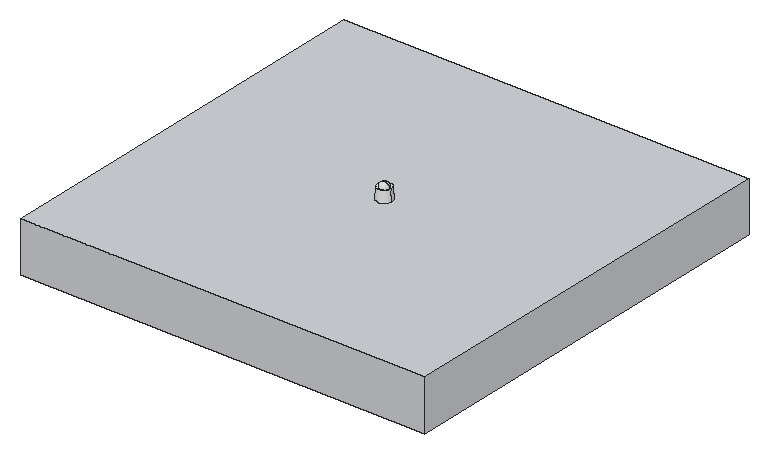
Revit family "Legrand_Gestion_eclairage_Detect_mvt_autonome_360D_Etanche_Gris_Plafond", category Dispositifs d'éclairage, Revit 2020
Family settings
  Hôte = Face
  Conserver l'orientation des annotations = Non
  Cote de connecteur circulaire = Utiliser le diamètre
  Type d'élément = Normal
  Couper avec des vides une fois chargée = Non
  Partagée = Non
  Point de calcul de pièce = Non
Parameters
  Ø zone en plan [instance] = 6000 mm
  Zone de detection [instance] = no
  URL = "http://www.legrandoc.com/069740"
  Télécommandable = "non"
  Type de tension = "AC"
  Tension nominale (V) = "230"
  Température (MIN) (°C) = 0
  Température (MAX) (°C) = 55
  Sensibilité réglable = "oui"
  Sensibilité lumineuse réglable = "oui"
  Sensibilité lumineuse (MIN) (lx) = 10
  Sensibilité lumineuse (MAX) (lx) = 4000
  Réglage de lumière constante = "oui"
  Product ID = "069740"
  Numéro RAL = "7035"
  Mode de montage = "apparent"
  Indication distance [instance] = Ø zone en plan / 1000  # 6 mm
  Image du type = PH3.jpg
  Hauteur maxi de montage (m) = "4"
  Gestion alarme = "non"
  Gestion CVC = "non"
  Fréquence (MIN) (Hz) = 50
  Fréquence (MAX) (Hz) = 60
  Fonction variateur intégrée = "non"
  Fabricant = "LEGRAND"
  Exécution = "détecteur de mouvement"
  Etiquette [instance] = no
  Entrée secondaire = "non"
  Default Elevation = 0 mm
  ETIM-5.0 Class = "EC000133"
  Durée d'enclenchement min (s) = "12"
  Durée d'enclenchement max (mn) = "16"
  Description = "DETECTEUR DE MOUVEMENT ETANCHE 360 DEGRE GRIS PLEXO"
  Courant de démarrage max (A) = "8.5"
  Coupure forcée = "non"
  Couleur = "blanc"
  Condition Générale d'Utilisation = "https://export.legrand.com/CGU-objets-BIM"
  Code d'assemblage = "D5010200"
  Classe de protection (IP) = "IP55"
  Capacité de coupure max (W) = 1000
  Angle de détection horizontal (MIN) (°) = 0
  Angle de détection horizontal (MAX) (°) = 360
  Adapté pour transmission sans fil = "non"
Reference planes
  plane 1 "Centre (avant/arrière)": y = 0
  plane 2: z = 0
  plane 3 "Centre (gauche/droite)": x = 0
Forms (mm)
  Extrusion 1, solid
    sketch origin (0, 0, 0) x (1, 0, 0) y (0, 1, 0)
      loop
        line (-1219.2, 1219.2) -> (-1219.2, -1219.2) -> (1219.2, -1219.2) -> (1219.2, 1219.2) -> (-1219.2, 1219.2)
    from 0 to -304.8
Dimensions and locks
  aligned and locked: plane 2 to Extrusion 1
  aligned and locked: level to Extrusion 1
  aligned and locked: nested 1 to plane 3 "Centre (gauche/droite)"
  aligned and locked: nested 1 to plane 1 "Centre (avant/arrière)"
  aligned and locked: nested 2 to plane 2
  aligned and locked: plane 3 "Centre (gauche/droite)" to nested 2
  aligned and locked: plane 1 "Centre (avant/arrière)" to nested 2
Nested families
  nested 1: "Zone Plafond" at (0, 0, 0), visible <- "Zone de detection", Ø zone en plan <- "Ø zone en plan", type "Zone Plafond"
    with Ø zone en plan 6000 mm, Ø Interieur 4000 mm
  nested 2: "048898" at (0, 0, 0), type "048898"
  nested 3: "Symbole B" at (0, 0, 0), type "Symbole B"
  nested 4: "Détection 360° 8x6m" at (0, 221.616, 0), visible <- "Etiquette", Indication distance <- "Indication distance", type "Détection 360° 8x6m"
    with Indication distance 6 mm
Connectors
  electrical at (0, 0, 0)
    settings: on nested 2, index 1, voltage 230 V, apparent load 0 VA, apparent load phase1 0 VA, apparent load phase2 0 VA, apparent load phase3 0 VA, power factor 1, load classification "Autre", number of poles 1, system type 31, power factor state 1, is connector primary yes, connector utility no, sub classification motor no, connector description ""
Definition of nested family "048898"
  Parameters (values of type "048898")
    Default Elevation = 0 mm
  Reference planes
    plane 1 "Centre (avant/arrière)": y = 0
    plane 2: z = 0
    plane 3 "Centre (gauche/droite)": x = 0
  Forms (mm)
    Revolve 1, solid
      sketch origin (0, 0, 0) x (-1, 0, 0) y (0, 0, -1)
        loop
          line (0, 0) -> (0, -65.2) -> (41, -65.2)
          arc (41, -65.2) -> (43.378, -32.633) -> (44.526, 0) r 865.317
          line (44.526, 0) -> (0, 0)
        axis (0, 0) -> (0, -65.2)
      angle from 0 to 360
    Revolve 2, solid
      sketch origin (0, 0, 0) x (-1, 0, 0) y (0, 0, -1)
        loop
          arc (0, -91.691) -> (18.988, -83.722) -> (27.988, -65.2) r 29.184
          line (27.988, -65.2) -> (0, -65.2) -> (0, -91.691)
        axis (0, -65.2) -> (0, -91.691)
      angle from 0 to 360
  Dimensions and locks
    aligned and locked: level to plane 2
Definition of nested family "Zone Plafond"
  Parameters (values of type "Zone Plafond")
    Ø zone en plan [instance] = 4000 mm
    Ø Interieur [instance] = Ø zone en plan / 1.5  # 2666.667 mm
  Reference planes
    plane 1 "Centre (avant/arrière)": y = 0
    plane 2: z = 0
    plane 3 "Centre (gauche/droite)": x = 0
  Lines and regions (mm)
    detail lines, in view "Niveau de réf."
      curve 1: circle (0, 0, 0) r 2000 normal (0, 0, 1)
  Dimensions and locks
    "Ø zone en plan": diameter of curve 1
    aligned and locked: plane 3 "Centre (gauche/droite)" to curve 1
    aligned and locked: plane 1 "Centre (avant/arrière)" to curve 1
Definition of nested family "Symbole B"
  Reference planes
    plane 1: y = 0
    plane 2: x = 0
  Lines and regions (mm)
    detail lines
      curve 1: circle (0, 0, 0) r 0.928 normal (0, 0, 1)
      curve 2: circle (0, 0, 0) r 0.586 normal (0, 0, 1)
      curve 3: spline (-1.335, -1.994, 0) -> (-1.233, -1.818, 0) -> (-1.159, -1.651, 0) -> (-1.116, -1.498, 0) -> (-1.105, -1.365, 0) -> (-1.126, -1.255, 0) -> (-1.179, -1.172, 0) -> (-1.261, -1.119, 0) -> (-1.371, -1.098, 0) -> (-1.505, -1.11, 0) -> (-1.657, -1.153, 0) -> (-1.825, -1.227, 0) -> (-2.001, -1.329, 0)
      curve 4: spline (-1.074, -1.746, 0) -> (-0.972, -1.57, 0) -> (-0.898, -1.403, 0) -> (-0.855, -1.25, 0) -> (-0.844, -1.116, 0) -> (-0.865, -1.006, 0) -> (-0.917, -0.924, 0) -> (-1, -0.871, 0) -> (-1.11, -0.85, 0) -> (-1.244, -0.861, 0) -> (-1.396, -0.905, 0) -> (-1.564, -0.978, 0) -> (-1.74, -1.08, 0)
      curve 5: spline (1.335, -1.994, 0) -> (1.233, -1.818, 0) -> (1.159, -1.651, 0) -> (1.116, -1.498, 0) -> (1.105, -1.365, 0) -> (1.126, -1.255, 0) -> (1.179, -1.172, 0) -> (1.261, -1.119, 0) -> (1.371, -1.098, 0) -> (1.505, -1.11, 0) -> (1.657, -1.153, 0) -> (1.825, -1.227, 0) -> (2.001, -1.329, 0)
      curve 6: spline (1.074, -1.746, 0) -> (0.972, -1.57, 0) -> (0.898, -1.403, 0) -> (0.855, -1.25, 0) -> (0.844, -1.116, 0) -> (0.865, -1.006, 0) -> (0.917, -0.924, 0) -> (1, -0.871, 0) -> (1.11, -0.85, 0) -> (1.244, -0.861, 0) -> (1.396, -0.905, 0) -> (1.564, -0.978, 0) -> (1.74, -1.08, 0)
  Text (mm)
    text "IR" at (-0.268, -1.959, 0)
Definition of nested family "Détection 360° 8x6m"
  Parameters (values of type "Détection 360° 8x6m")
    Indication distance [instance] = 0 mm
  Reference planes
    plane 1: y = 0
    plane 2: x = 0
  Text (mm)
    label "Détection 360°, 8xIndication distancem à 2,5m haut" at (-0.885, 0.234, 0), shows "Indication distance"
